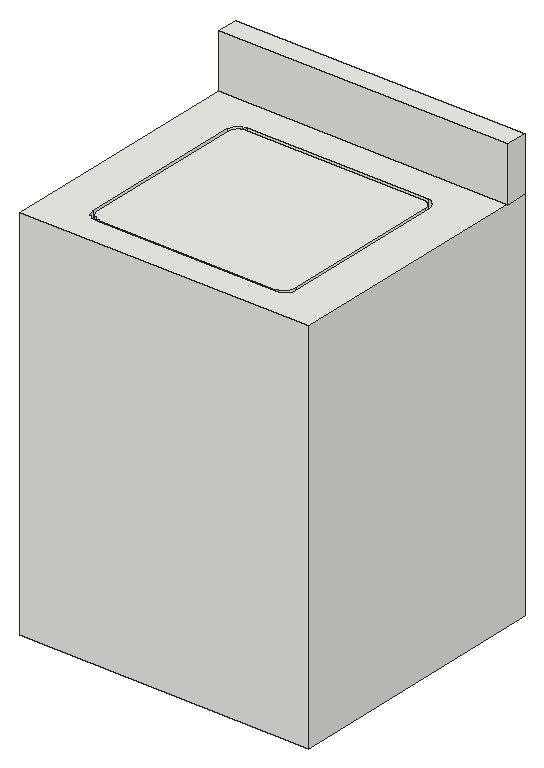
Revit family
Parameters (values of type "680 x 635 x 890mm")
  Label = "W"
  Depth = 635.00 mm
  Height = 890.00 mm
  Material = Metal - Paint Finish - Ivory, Matte
  Width = 680.00 mm
  Assembly Code = ""
Types (2, lengths in mm): name | Width
  680 x 635 x 890mm | 680.00
  635 x 635 x 890mm | 635.00
Reference planes
  plane 1: y = -38.35
  plane 2: z = 0
  plane 3: x = 77.517
  plane 4 "Top": z = 890
  plane 5: x = 757.517
  plane 6: y = 596.65
  plane 7: z = 953.5
  plane 8: x = 417.517
  plane 9: y = 279.15
Forms (mm)
  Extrusion 1, solid, material "Metal - Paint Finish - Ivory, Matte" <- "Material"
    sketch origin (0, 0, 0) x (1, 0, 0) y (0, 1, 0)
      loop
        line (757.517, 596.65) -> (77.517, 596.65) -> (77.517, -38.35) -> (757.517, -38.35) -> (757.517, 596.65)
    from 0 to 890
  Extrusion 2, solid, material "Metal - Paint Finish - Ivory, Matte" <- "Material"
    sketch origin (77.517, 596.65, 890) x (0, 0, -1) y (0, -1, 0)
      loop
        line (0, 0) -> (0, 50.8) -> (-127, 50.8) -> (-127, 0) -> (0, 0)
    from 0 to -680
  Extrusion 3, void
    sketch origin (0, 0, 890) x (0, -1, 0) y (1, 0, 0)
      loop
        arc (-469.468, 204.517) -> (-462.029, 186.557) -> (-444.068, 179.117) r 25.4
        line (-444.068, 179.117) -> (-50.55, 179.117)
        arc (-50.55, 179.117) -> (-32.589, 186.557) -> (-25.15, 204.517) r 25.4
        line (-25.15, 204.517) -> (-25.15, 630.517)
        arc (-25.15, 630.517) -> (-32.589, 648.478) -> (-50.55, 655.917) r 25.4
        line (-50.55, 655.917) -> (-444.068, 655.917)
        arc (-444.068, 655.917) -> (-462.029, 648.478) -> (-469.468, 630.517) r 25.4
        line (-469.468, 630.517) -> (-469.468, 204.517)
    from 0 to -50.8
  Extrusion 4, solid, material "Metal - Paint Finish - Ivory, Matte" <- "Material"
    sketch origin (0, 0, 890) x (1, 0, 0) y (0, -1, 0)
      loop
        line (210.867, -463.3) -> (624.167, -463.3)
        arc (624.167, -463.3) -> (642.128, -455.86) -> (649.567, -437.9) r 25.4
        line (649.567, -437.9) -> (649.567, -56.9)
        arc (649.567, -56.9) -> (642.128, -38.939) -> (624.167, -31.5) r 25.4
        line (624.167, -31.5) -> (210.867, -31.5)
        arc (210.867, -31.5) -> (192.907, -38.939) -> (185.467, -56.9) r 25.4
        line (185.467, -56.9) -> (185.467, -437.9)
        arc (185.467, -437.9) -> (192.907, -455.86) -> (210.867, -463.3) r 25.4
    from 0 to 25.4
Cuts and joins
  Extrusion 3 cuts Extrusion 1
  Extrusion 3 cuts Extrusion 2
Lines and regions (mm)
  Masking region 1
    outline origin (0, 0, 0) x (1, 0, 0) y (0, 1, 0)
      loop
        line (77.517, -38.35) -> (757.517, -38.35) -> (757.517, 596.65) -> (77.517, 596.65) -> (77.517, -38.35)
  model lines
    curve 1: line (179.117, 444.068, 890) -> (179.117, 50.55, 890)
    curve 2: line (204.517, 469.468, 890) -> (630.517, 469.468, 890)
    curve 3: line (655.917, 444.068, 890) -> (655.917, 50.55, 890)
    curve 4: line (204.517, 25.15, 890) -> (630.517, 25.15, 890)
    curve 5: arc (179.117, 545.85, 978.9) -> (153.717, 545.85, 953.5) -> (179.117, 545.85, 928.1) r 25.4
    curve 6: arc (179.117, 545.85, 928.1) -> (204.517, 545.85, 953.5) -> (179.117, 545.85, 978.9) r 25.4
    curve 7: arc (289.054, 545.85, 991.6) -> (250.954, 545.85, 953.5) -> (289.054, 545.85, 915.4) r 38.1
    curve 8: arc (289.054, 545.85, 915.4) -> (327.154, 545.85, 953.5) -> (289.054, 545.85, 991.6) r 38.1
    curve 9: arc (404.343, 545.85, 978.9) -> (378.943, 545.85, 953.5) -> (404.343, 545.85, 928.1) r 25.4
    curve 10: arc (404.343, 545.85, 928.1) -> (429.743, 545.85, 953.5) -> (404.343, 545.85, 978.9) r 25.4
    curve 11: arc (179.117, 444.068, 890) -> (186.557, 462.029, 890) -> (204.517, 469.468, 890) r 25.4
    curve 12: arc (630.517, 469.468, 890) -> (648.478, 462.029, 890) -> (655.917, 444.068, 890) r 25.4
    curve 13: arc (179.117, 50.55, 890) -> (186.557, 32.589, 890) -> (204.517, 25.15, 890) r 25.4
    curve 14: arc (630.517, 25.15, 890) -> (648.478, 32.589, 890) -> (655.917, 50.55, 890) r 25.4
  symbolic lines, style "SpecialityEquipment"
    curve 15: line (77.517, 545.85, 0) -> (757.517, 545.85, 0)
    curve 16: line (204.517, 469.468, 0) -> (630.517, 469.468, 0)
    curve 17: line (655.917, 444.068, 0) -> (655.917, 50.55, 0)
    curve 18: line (204.517, 25.15, 0) -> (630.517, 25.15, 0)
    curve 19: line (179.117, 444.068, 0) -> (179.117, 50.55, 0)
    curve 20: arc (179.117, 444.068, 0) -> (186.557, 462.029, 0) -> (204.517, 469.468, 0) r 25.4
    curve 21: arc (630.517, 469.468, 0) -> (648.478, 462.029, 0) -> (655.917, 444.068, 0) r 25.4
    curve 22: arc (179.117, 50.55, 0) -> (186.557, 32.589, 0) -> (204.517, 25.15, 0) r 25.4
    curve 23: arc (630.517, 25.15, 0) -> (648.478, 32.589, 0) -> (655.917, 50.55, 0) r 25.4
Dimensions and locks
  "Width": plane 5 to plane 3
  "Depth": plane 6 to plane 1
  Extrusion 1 to curve 1 = 101.60 mm
  curve 3 to Extrusion 1 = 101.60 mm
  "Height": plane 2 to plane 4 "Top"
  equal spacing: Extrusion 2, plane 7, plane 4 "Top"
  equal spacing: plane 5, plane 8, plane 3
  equal spacing: plane 6, plane 9, plane 1
  aligned and locked: plane 6 to Extrusion 1 sketch curve
  aligned and locked: plane 5 to Extrusion 1 sketch curve  (x2)
  aligned and locked: plane 1 to Extrusion 1 sketch curve  (x3)
  aligned and locked: plane 3 to Extrusion 1 sketch curve  (x2)
  aligned and locked: Extrusion 1 to level
  aligned and locked: Extrusion 1 to plane 4 "Top"
  aligned and locked: plane 7 to curve 6
  aligned and locked: plane 7 to curve 8
  aligned and locked: plane 7 to curve 10
  aligned and locked: plane 5 to Extrusion 2
  aligned and locked: nested 1 to plane 8
  aligned and locked: plane 9 to nested 1
Automatic sketch dimensions
  Extrusion 1 sketch curve to plane 6 = 0.00 mm
  plane 5 to Extrusion 1 sketch curve = 0.00 mm
  Extrusion 2 sketch curve to plane 6 = 0.00 mm
  Extrusion 2 sketch curve to plane 4 "Top" = 0.00 mm
  Extrusion 2 sketch curve to plane 6 = 50.80 mm
  Extrusion 2 sketch curve to plane 4 "Top" = 127.00 mm
  curve 5 to curve 5 = 25.40 mm
  curve 9 to curve 9 = 25.40 mm
  curve 8 to plane 4 "Top" = 25.40 mm
  plane 3 to curve 6 = 101.60 mm
  curve 6 to curve 7 = 109.936 mm
  curve 8 to curve 9 = 115.289 mm
  curve 20 to curve 1 = 0.00 mm
  curve 1 to curve 13 = 25.40 mm
  curve 1 to curve 11 = 25.40 mm
  curve 18 to curve 4 = 0.00 mm
  curve 20 to curve 2 = 0.00 mm
  curve 14 to curve 3 = 25.40 mm
  curve 2 to curve 3 = 25.40 mm
  curve 23 to curve 14 = 0.00 mm
  curve 16 to curve 2 = 0.00 mm
  curve 17 to curve 3 = 0.00 mm
  curve 18 to plane 1 = 63.50 mm
  curve 4 to curve 18 = 0.00 mm
  curve 19 to curve 1 = 0.00 mm
  Extrusion 3 sketch curve to plane 6 = 127.181 mm
  Extrusion 3 sketch curve to Extrusion 3 sketch curve = 25.40 mm  (x3)
  Extrusion 3 sketch curve to plane 1 = 88.90 mm  (x2)
  plane 3 to Extrusion 3 sketch curve = 101.60 mm
  Extrusion 3 sketch curve to plane 5 = 127.00 mm
  plane 3 to Extrusion 4 sketch curve = 107.95 mm
  Extrusion 4 sketch curve to Extrusion 4 sketch curve = 25.40 mm  (x4)
  Extrusion 4 sketch curve to plane 1 = 69.85 mm
  Extrusion 4 sketch curve to plane 5 = 133.35 mm
  Extrusion 4 sketch curve to plane 6 = 158.75 mm
  curve 15 to plane 3 = 0.00 mm
  curve 15 to plane 5 = 0.00 mm
  curve 12 to plane 6 = 152.581 mm
  curve 15 to plane 6 = 50.80 mm
  Masking region 1 sketch curve to plane 1 = 0.00 mm
  Masking region 1 sketch curve to plane 3 = 0.00 mm
  Masking region 1 sketch curve to plane 5 = 0.00 mm
  Masking region 1 sketch curve to plane 6 = 0.00 mm
Nested families
  nested 1: "Label Annotation (M)" at (417.517, 279.15, 0), type "Label Annotation"
Definition of nested family "Label Annotation (M)"
  Parameters
    Label = ""
  Reference planes
    plane 1: y = 0
    plane 2: x = 0
  Text (mm)
    label "Label" at (0.007, 0.129, 0), shows "Label"
